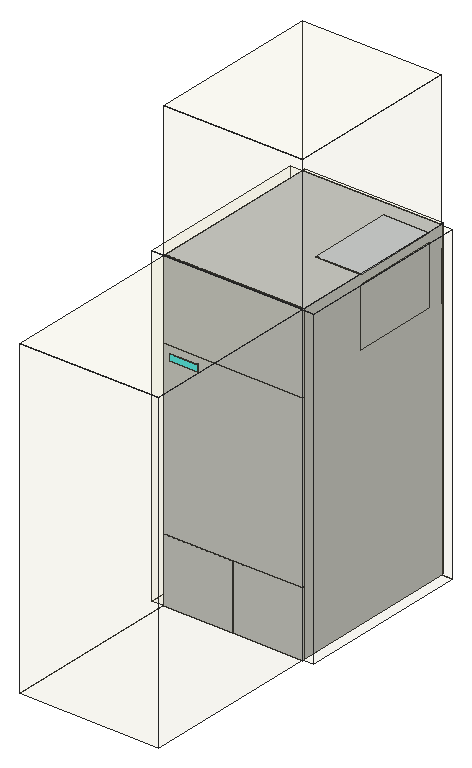
Revit family "Siemens_MV_switchgear_gas-insulated_8DJH_compact  ring main and transformer panel", category Electrical Fixtures, Revit 2016 (continued)
Definition of nested family "8DJH compact - Basic4"
  Definition of nested family "Befestigungen nur 2x 310mm "
    Dimensions and locks
      locked: curve 133 to curve 135 at 40
      locked: curve 129 to curve 131 at 40
      plane 9 to plane 1 "Center (Front/Back)" = 33 mm
      plane 10 to plane 1 "Center (Front/Back)" = 99 mm
      plane 11 to plane 1 "Center (Front/Back)" = 220 mm
      plane 12 to plane 1 "Center (Front/Back)" = 315 mm
      plane 26 to plane 1 "Center (Front/Back)" = 630 mm
      plane 1 "Center (Front/Back)" to plane 18 = 701 mm
      aligned and locked: plane 2 to level
      aligned and locked: plane 1 "Center (Front/Back)" to curve 1
      aligned and locked: plane 5 to curve 2
      aligned and locked: plane 7 to curve 3
      aligned and locked: curve 4 to plane 4
      aligned and locked: curve 8 to plane 14
      aligned and locked: curve 16 to plane 14
      aligned and locked: curve 20 to plane 14
      aligned and locked: curve 24 to plane 14
      aligned and locked: plane 13 to curve 22
      aligned and locked: plane 13 to curve 18
      aligned and locked: plane 13 to curve 14
      aligned and locked: plane 13 to curve 10
      aligned and locked: plane 13 to curve 6
      aligned and locked: plane 15 to curve 44
      aligned and locked: plane 15 to curve 40
      aligned and locked: plane 15 to curve 36
      aligned and locked: plane 15 to curve 32
      aligned and locked: plane 15 to curve 28
      aligned and locked: curve 26 to plane 16
      aligned and locked: curve 30 to plane 16
      aligned and locked: curve 34 to plane 16
      aligned and locked: curve 42 to plane 16
      aligned and locked: curve 50 to plane 18
      aligned and locked: curve 52 to plane 17
      aligned and locked: curve 64 to plane 14
      aligned and locked: curve 56 to plane 14
      aligned and locked: plane 13 to curve 54
      aligned and locked: plane 13 to curve 62
      aligned and locked: plane 15 to curve 60
      aligned and locked: plane 15 to curve 68
      aligned and locked: curve 66 to plane 16
      aligned and locked: curve 58 to plane 16
      aligned and locked: curve 57 to plane 21
      aligned and locked: curve 53 to plane 21
      aligned and locked: curve 59 to plane 22
      aligned and locked: plane 22 to curve 55
      aligned and locked: curve 21 to plane 26
      aligned and locked: curve 25 to plane 26
      aligned and locked: plane 27 to curve 23
      aligned and locked: plane 27 to curve 27
      aligned and locked: plane 25 to curve 19
      aligned and locked: plane 25 to curve 31
      aligned and locked: curve 98 to plane 18
      aligned and locked: curve 100 to plane 17
      aligned and locked: curve 102 to plane 18
      aligned and locked: curve 104 to plane 17
      aligned and locked: curve 75 to curve 11
      aligned and locked: curve 39 to curve 11
      aligned and locked: curve 97 to curve 105
      aligned and locked: curve 107 to curve 99
      aligned and locked: curve 101 to curve 109
      aligned and locked: curve 111 to curve 103
      aligned and locked: curve 114 to plane 18
      aligned and locked: curve 118 to plane 18
      aligned and locked: curve 122 to plane 18
      aligned and locked: curve 126 to plane 18
      aligned and locked: curve 128 to plane 17
      aligned and locked: curve 124 to plane 17
      aligned and locked: curve 120 to plane 17
      aligned and locked: curve 116 to plane 17
      aligned and locked: curve 113 to curve 129
      aligned and locked: curve 131 to curve 115
      aligned and locked: curve 125 to curve 133
      aligned and locked: curve 135 to curve 127
    Automatic sketch dimensions
      curve 9 to plane 14 = 0 mm
      curve 88 to plane 27 = 0 mm
      curve 88 to plane 26 = 0 mm
      curve 84 to plane 25 = 0 mm
      curve 92 to plane 22 = 0 mm
      curve 89 to plane 21 = 0 mm
      curve 84 to plane 24 = 0 mm
      curve 38 to plane 16 = 0 mm
      plane 24 to curve 32 = 0 mm
      curve 17 to plane 24 = 0 mm
      curve 129 to plane 9 = 10 mm
      plane 9 to curve 131 = 10 mm
      curve 96 to plane 3 "Center (Left/Right)" = 28 mm
      curve 92 to plane 3 "Center (Left/Right)" = 28 mm
      curve 69 to plane 3 "Center (Left/Right)" = 28 mm
      curve 80 to plane 3 "Center (Left/Right)" = 28 mm
      curve 119 to curve 49 = 16 mm
      curve 45 to plane 3 "Center (Left/Right)" = 20 mm
      curve 87 to plane 3 "Center (Left/Right)" = 8 mm
      curve 82 to plane 3 "Center (Left/Right)" = 8 mm
      curve 79 to plane 3 "Center (Left/Right)" = 8 mm
      curve 91 to plane 3 "Center (Left/Right)" = 8 mm
      curve 95 to plane 3 "Center (Left/Right)" = 8 mm
      curve 69 to plane 3 "Center (Left/Right)" = 8 mm
      curve 73 to plane 3 "Center (Left/Right)" = 8 mm
      plane 3 "Center (Left/Right)" to curve 46 = 20 mm
      plane 3 "Center (Left/Right)" to curve 52 = 20 mm
      curve 50 to curve 122 = 16 mm
      plane 9 to curve 136 = 10 mm
      curve 134 to plane 9 = 10 mm
      plane 20 to curve 93 = 20 mm
      plane 20 to curve 68 = 20 mm
      plane 20 to curve 64 = 20 mm
      curve 63 to plane 20 = 20 mm
      curve 67 to plane 20 = 20 mm
      curve 96 to plane 20 = 20 mm
      plane 12 to curve 14 = 20 mm
      plane 12 to curve 34 = 20 mm
      plane 12 to curve 78 = 20 mm
      curve 80 to plane 12 = 20 mm
      curve 16 to plane 12 = 20 mm
      curve 36 to plane 12 = 20 mm
      curve 37 to plane 11 = 20 mm
      curve 73 to plane 11 = 20 mm
      plane 10 to curve 8 = 20 mm
      plane 10 to curve 43 = 20 mm
      plane 10 to curve 72 = 20 mm
      curve 8 to plane 10 = 20 mm
      curve 69 to plane 10 = 20 mm
      curve 41 to plane 10 = 20 mm
      plane 9 to curve 48 = 10 mm
      plane 9 to curve 112 = 10 mm
      plane 9 to curve 108 = 10 mm
      curve 111 to plane 9 = 10 mm
      curve 107 to plane 9 = 10 mm
      curve 47 to plane 9 = 10 mm
      curve 118 to curve 95 = 48 mm
      curve 121 to curve 124 = 40 mm
      curve 119 to curve 89 = 8 mm
      curve 75 to curve 74 = 20 mm
      curve 83 to curve 82 = 20 mm
      curve 88 to curve 49 = 8 mm
Definition of nested family "8DJH compact - Basic5"
  Parameters (values of type "basic5")
    Front [instance] = T  # 775 mm
    T [instance] = 775 mm
    Sch_h1 [instance] = GK3_h2 - 30 mm  # 260 mm
    Sch_ab1 [instance] = 30 mm  # constant formula
    Pressure absorber on_off [instance] = yes
    PA_b = 80 mm  # constant formula
    Manufacturer = "Siemens AG"
    Kab_u_t2 [instance] = T - 40 mm - 45 mm  # 690 mm
    Kab_u_t1 [instance] = 400 mm  # constant formula
    Kab_u_b1 [instance] = B - 40 mm  # 270 mm
    GK5_b2 [instance] = B  # 310 mm
    GK5_b1 [instance] = GK4_b2  # 310 mm
    GK4_b2 [instance] = GK4_b1 + 310 mm  # 310 mm
    GK4_b1 [instance] = GK2_b1  # 0 mm
    GK2_h [instance] = 450 mm  # constant formula
    IFC Classification = "Electric Distribution"
    H [instance] = 1400 mm
    built-in parameter 1010108 = "Siemens AG"
    GK4u5_h [instance] = if(H = 1400 mm, 290 mm, 590 mm)  # 290 mm
    GK3_h2 [instance] = GK1_h - GK2_h  # 290 mm
    GK3_h [instance] = GK1_h - GK2_h  # 290 mm
    GK3_EP_h [instance] = GK1_h - GK3_h  # 450 mm
    GK2_b2 [instance] = B  # 310 mm
    GK2_b1 [instance] = 0 mm  # constant formula
    GK1_t [instance] = T - 11 mm  # 764 mm
    GK1_h2 [instance] = H - 350 mm - 940 mm  # 110 mm
    GK1_h [instance] = if(H = 1400 mm, 740 mm, 1040 mm)  # 740 mm
    B [instance] = 310 mm  # constant formula
  Reference planes
    plane 1 "Mitte (Vorne/Hinten)": y = 0
    plane 2: z = 0
    plane 3 "Mitte (Links/Rechts)": x = 0
    plane 4 "Bedienelemente": y = -775
    plane 5 "Kabeldurchbruch": y = -491
  Forms (mm)
    Extrusion 1, solid
      sketch origin (0, 0, 0) x (0, 1, 0) y (0, 0, 1)
        loop
          line (-764, 0) -> (0, 0) -> (0, 740) -> (-764, 740) -> (-764, 0)
      from 0 to 310 <- "B"
    Extrusion 2, solid
      sketch origin (0, 0, 0) x (0, 1, 0) y (0, 0, 1)
        loop
          line (-765, 740) -> (-775, 740) -> (-775, 290) -> (-765, 290) -> (-765, 740)
      from 0 <- "GK2_b1" to 310 <- "GK2_b2"
    Extrusion 3, solid
      sketch origin (0, -103.477, -448.21) x (0, 1, 0) y (0, 0, 1)
        loop
          line (-661.523, 738.21) -> (-671.523, 738.21) -> (-671.523, 448.21) -> (-661.523, 448.21) -> (-661.523, 738.21)
      from 0 to 310 <- "GK2_b2"
    Extrusion 4, void
      sketch origin (0, 0, 0) x (1, 0, 0) y (0, 1, 0)
        loop
          line (40, -690) -> (270, -690) -> (270, -621) -> (300, -621) -> (300, -491) -> (10, -491) -> (10, -621) -> (40, -621) -> (40, -690)
      from 0 to 10
  Cuts and joins
    Extrusion 4 cuts Extrusion 1
  Dimensions and locks
    "GK1_h": Extrusion 1 sketch curve to Extrusion 1 sketch curve
    "Front": plane 1 "Mitte (Vorne/Hinten)" to plane 4 "Bedienelemente"
    "GK1_t": Extrusion 1 sketch curve to Extrusion 1 sketch curve
    plane 5 "Kabeldurchbruch" to plane 1 "Mitte (Vorne/Hinten)" = 491 mm
    locked: Extrusion 2 sketch curve to Extrusion 2 sketch curve at 10
    "T": plane 1 "Mitte (Vorne/Hinten)" to Extrusion 2 sketch curve
    "GK2_h": Extrusion 2 sketch curve to Extrusion 2 sketch curve
    locked: Extrusion 3 sketch curve to Extrusion 3 sketch curve at 10
    "GK3_h": Extrusion 3 sketch curve to Extrusion 3 sketch curve
    "GK3_h2": Extrusion 3 sketch curve to level
    "T": plane 1 "Mitte (Vorne/Hinten)" to Extrusion 3 sketch curve
    "GK1_h": level to Extrusion 2 sketch curve
    Extrusion 2 to Extrusion 3 = 450 mm
    Extrusion 3 to level = 290 mm
    "Kab_u_t2": Extrusion 4 sketch curve to plane 1 "Mitte (Vorne/Hinten)"
    locked: Extrusion 4 sketch curve to Extrusion 4 sketch curve at 230
    locked: plane 3 "Mitte (Links/Rechts)" to Extrusion 4 sketch curve at 40
    aligned and locked: level to plane 2
    aligned and locked: level to Extrusion 1 sketch curve
    aligned and locked: plane 1 "Mitte (Vorne/Hinten)" to Extrusion 1 sketch curve
    aligned and locked: plane 5 "Kabeldurchbruch" to Extrusion 4 sketch curve
    aligned and locked: plane 1 "Mitte (Vorne/Hinten)" to nested 1
    aligned and locked: plane 3 "Mitte (Links/Rechts)" to nested 1
    aligned and locked: nested 1 to Extrusion 4 sketch curve  (x2)
  Automatic sketch dimensions
    Extrusion 4 sketch curve to Extrusion 4 sketch curve = 69 mm  (x2)
  Nested families
    nested 1: "Befestigungen" at (155, 0, 0), type "Fastening and cable cut-out"
  Definition of nested family "Befestigungen"
    Parameters (values of type "Fastening and cable cut-out")
      WidthUpTo840 = and(not(Width620), not(Width840))  # yes
      WidthUpTo620 = not(Width620)  # yes
      Width840 = if(Width = 840 mm, 1 < 2, 1 > 2)  # no
      Width620 = if(Width = 620 mm, 1 < 2, 1 > 2)  # no
      Width = 310 mm
      Visible = no
      Depth = 726 mm
      Cable cutout = if(or(Width = 430 mm, Width = 310 mm), 400 mm, if(Width = 500 mm, 380 mm, if(or(Width = 620 mm, Width = 840 mm), 250 mm, 400 mm)))  # 400 mm
      Cable Compartment Depth 575 = no
      Cable Compartment Depth 430 = no
      620andCC575 = if(and(Width620, Cable Compartment Depth 575), 1 < 2, 1 > 2)  # no
      620andCC430 = if(and(Width620, Visible), 1 < 2, 1 > 2)  # no
    Types (2, lengths in mm): name | Width | Depth
      Fastening and cable cut-out | 310 | 726
      Clearance | 430 | 714
    Reference planes
      plane 1 "Center (Front/Back)": y = 0
      plane 2: z = 0
      plane 3 "Center (Left/Right)": x = 0
      plane 4: x = 155
      plane 5: x = -155
      plane 6: z = 2046
      plane 7: y = -726
      plane 8: z = 2200
      plane 9: y = -33
      plane 10: y = -99
      plane 11: y = -220
      plane 12: y = -315
      plane 13: x = -125
      plane 14: x = -145
      plane 15: x = 125
      plane 16: x = 145
      plane 17: y = -721
      plane 18: y = -701
      plane 19: y = -748
      plane 20: y = -893
      plane 21: y = -728
      plane 22: y = -768
      plane 23: y = -400
      plane 24: y = -442
      plane 25: y = -482
      plane 26: y = -630
      plane 27: y = -670
    Lines and regions (mm)
      model lines
        curve 1: line (-155, 0, 0) -> (155, 0, 0)
        curve 2: line (-155, -726, 0) -> (-155, 0, 0)
        curve 3: line (155, -726, 0) -> (-155, -726, 0)
        curve 4: line (155, 0, 0) -> (155, -726, 0)
        curve 5: line (-145, -79, 0) -> (-125, -79, 0)
        curve 6: line (-125, -79, 0) -> (-125, -119, 0)
        curve 7: line (-125, -119, 0) -> (-145, -119, 0)
        curve 8: line (-145, -79, 0) -> (-145, -119, 0)
        curve 9: line (-145, -203, 0) -> (-125, -203, 0)
        curve 10: line (-125, -203, 0) -> (-125, -243, 0)
        curve 11: line (-125, -243, 0) -> (-145, -243, 0)
        curve 12: line (-145, -203, 0) -> (-145, -243, 0)
        curve 13: line (-145, -295, 0) -> (-125, -295, 0)
        curve 14: line (-125, -295, 0) -> (-125, -335, 0)
        curve 15: line (-125, -335, 0) -> (-145, -335, 0)
        curve 16: line (-145, -295, 0) -> (-145, -335, 0)
        curve 17: line (-145, -442, 0) -> (-125, -442, 0)
        curve 18: line (-125, -442, 0) -> (-125, -482, 0)
        curve 19: line (-125, -482, 0) -> (-145, -482, 0)
        curve 20: line (-145, -442, 0) -> (-145, -482, 0)
        curve 21: line (-145, -630, 0) -> (-125, -630, 0)
        curve 22: line (-125, -630, 0) -> (-125, -670, 0)
        curve 23: line (-125, -670, 0) -> (-145, -670, 0)
        curve 24: line (-145, -630, 0) -> (-145, -670, 0)
        curve 25: line (125, -630, 0) -> (145, -630, 0)
        curve 26: line (145, -630, 0) -> (145, -670, 0)
        curve 27: line (145, -670, 0) -> (125, -670, 0)
        curve 28: line (125, -630, 0) -> (125, -670, 0)
        curve 29: line (125, -442, 0) -> (145, -442, 0)
        curve 30: line (145, -442, 0) -> (145, -482, 0)
        curve 31: line (145, -482, 0) -> (125, -482, 0)
        curve 32: line (125, -442, 0) -> (125, -482, 0)
        curve 33: line (125, -295, 0) -> (145, -295, 0)
        curve 34: line (145, -295, 0) -> (145, -335, 0)
        curve 35: line (145, -335, 0) -> (125, -335, 0)
        curve 36: line (125, -295, 0) -> (125, -335, 0)
        curve 37: line (125, -200, 0) -> (145, -200, 0)
        curve 38: line (145, -200, 0) -> (145, -243, 0)
        curve 39: line (145, -243, 0) -> (125, -243, 0)
        curve 40: line (125, -200, 0) -> (125, -243, 0)
        curve 41: line (125, -79, 0) -> (145, -79, 0)
        curve 42: line (145, -79, 0) -> (145, -119, 0)
        curve 43: line (145, -119, 0) -> (125, -119, 0)
        curve 44: line (125, -79, 0) -> (125, -119, 0)
      model lines, visible <- "WidthUpTo620"
        curve 45: line (-20, -43, 0) -> (-20, -23, 0)
        curve 46: line (-20, -23, 0) -> (20, -23, 0)
        curve 47: line (20, -23, 0) -> (20, -43, 0)
        curve 48: line (-20, -43, 0) -> (20, -43, 0)
      model lines, visible <- "WidthUpTo840"
        curve 49: line (-20, -721, 0) -> (-20, -701, 0)
        curve 50: line (-20, -701, 0) -> (20, -701, 0)
        curve 51: line (20, -701, 0) -> (20, -721, 0)
        curve 52: line (-20, -721, 0) -> (20, -721, 0)
    Dimensions and locks
      equal spacing: plane 5, plane 3 "Center (Left/Right)", plane 4
      "Width": plane 5 to plane 4
      "Depth": plane 1 "Center (Front/Back)" to plane 7
      plane 8 to plane 2 = 2200 mm
      plane 6 to plane 2 = 2046 mm
      locked: plane 16 to plane 4 at 10
      locked: plane 15 to plane 16 at 20
      locked: plane 5 to plane 14 at 10
      locked: plane 14 to plane 13 at 20
      locked: plane 17 to plane 7 at 5
      locked: plane 18 to plane 17 at 20
      plane 21 to plane 19 to plane 22 = 20 mm locked, 20 mm locked
      "Cable cutout": plane 23 to plane 1 "Center (Front/Back)"
      plane 1 "Center (Front/Back)" to plane 24 = 442 mm
      locked: plane 24 to plane 25 at 40
      plane 25 to plane 26 = 148 mm
      plane 26 to plane 27 = 40 mm
      locked: curve 11 to curve 9 at 40
      locked: curve 9 to plane 1 "Center (Front/Back)" at 203
      locked: plane 9 to plane 1 "Center (Front/Back)" at 33
      locked: plane 11 to plane 10 at 121
      locked: plane 12 to plane 11 at 95
      plane 24 to plane 12 = 127 mm
      plane 24 to plane 26 = 188 mm
      plane 10 to plane 9 = 66 mm
      plane 12 to plane 1 "Center (Front/Back)" = 315 mm
      plane 26 to plane 1 "Center (Front/Back)" = 630 mm
      plane 18 to plane 1 "Center (Front/Back)" = 701 mm
      plane 11 to plane 1 "Center (Front/Back)" = 220 mm
      plane 10 to plane 1 "Center (Front/Back)" = 99 mm
      aligned and locked: plane 2 to level
      aligned and locked: plane 1 "Center (Front/Back)" to curve 1
      aligned and locked: plane 5 to curve 2
      aligned and locked: plane 7 to curve 3
      aligned and locked: curve 4 to plane 4
      aligned and locked: curve 8 to plane 14
      aligned and locked: curve 16 to plane 14
      aligned and locked: curve 20 to plane 14
      aligned and locked: curve 24 to plane 14
      aligned and locked: plane 13 to curve 22
      aligned and locked: plane 13 to curve 18
      aligned and locked: plane 13 to curve 14
      aligned and locked: plane 13 to curve 10
      aligned and locked: plane 13 to curve 6
      aligned and locked: plane 15 to curve 44
      aligned and locked: plane 15 to curve 40
      aligned and locked: plane 15 to curve 36
      aligned and locked: plane 15 to curve 32
      aligned and locked: plane 15 to curve 28
      aligned and locked: curve 26 to plane 16
      aligned and locked: curve 30 to plane 16
      aligned and locked: curve 34 to plane 16
      aligned and locked: curve 42 to plane 16
      aligned and locked: curve 50 to plane 18
      aligned and locked: curve 52 to plane 17
      aligned and locked: curve 21 to plane 26
      aligned and locked: curve 25 to plane 26
      aligned and locked: plane 27 to curve 23
      aligned and locked: plane 27 to curve 27
      aligned and locked: plane 25 to curve 19
      aligned and locked: plane 25 to curve 31
      aligned and locked: curve 39 to curve 11
    Automatic sketch dimensions
      curve 9 to plane 14 = 0 mm
      curve 38 to plane 16 = 0 mm
      plane 24 to curve 32 = 0 mm
      curve 17 to plane 24 = 0 mm
      curve 45 to plane 3 "Center (Left/Right)" = 20 mm
      plane 3 "Center (Left/Right)" to curve 46 = 20 mm
      plane 3 "Center (Left/Right)" to curve 52 = 20 mm
      plane 12 to curve 14 = 20 mm
      plane 12 to curve 34 = 20 mm
      curve 16 to plane 12 = 20 mm
      curve 36 to plane 12 = 20 mm
      curve 37 to plane 11 = 20 mm
      plane 10 to curve 8 = 20 mm
      plane 10 to curve 43 = 20 mm
      curve 8 to plane 10 = 20 mm
      curve 41 to plane 10 = 20 mm
      plane 9 to curve 48 = 10 mm
      curve 47 to plane 9 = 10 mm
      curve 49 to plane 3 "Center (Left/Right)" = 20 mm
Definition of nested family "2D_Linien2"
  Parameters (values of type "Typ1")
    Width = 620 mm
    Typ1 = yes
  Reference planes
    plane 1 "Center (Front/Back)": y = 0
    plane 2: z = 0
    plane 3 "Center (Left/Right)": x = 0
    plane 4: z = 620
    plane 5: x = 310
    plane 6: x = -310
  Lines and regions (mm)
    model lines, visible <- "Typ1"
      curve 1: line (-170.618, 0, 281.405) -> (-170.618, 0, 100.324)
      curve 2: line (-170.618, 0, 159.784) -> (-213.862, 0, 159.784)
      curve 3: line (-186.835, 0, 97.622) -> (-154.402, 0, 97.622)
      curve 4: line (-181.429, 0, 86.811) -> (-159.808, 0, 86.811)
      curve 5: line (-174.672, 0, 76) -> (-166.564, 0, 76)
      curve 6: line (-176.024, 0, 124.649) -> (-162.51, 0, 124.649)
      curve 7: line (-162.51, 0, 124.649) -> (-162.51, 0, 146.27)
      curve 8: line (-162.51, 0, 146.27) -> (-176.024, 0, 146.27)
      curve 9: line (-176.024, 0, 146.27) -> (-176.024, 0, 124.649)
      curve 10: line (-176.024, 0, 173.297) -> (-162.51, 0, 173.297)
      curve 11: line (-162.51, 0, 173.297) -> (-162.51, 0, 192.216)
      curve 12: line (-162.51, 0, 192.216) -> (-176.024, 0, 192.216)
      curve 13: line (-176.024, 0, 192.216) -> (-176.024, 0, 173.297)
      curve 14: line (-213.862, 0, 159.784) -> (-213.862, 0, 76)
      curve 15: line (-213.862, 0, 76) -> (-203.779, 0, 97.622)
      curve 16: line (-213.862, 0, 76) -> (-223.944, 0, 97.622)
      curve 33: line (-214.299, 0, 124.649) -> (-225.11, 0, 124.649)
      curve 34: line (-225.11, 0, 130.054) -> (-225.11, 0, 119.243)
      curve 35: line (-230.515, 0, 130.054) -> (-230.515, 0, 119.243)
      curve 36: line (-230.515, 0, 124.649) -> (-235.92, 0, 124.649)
      curve 37: line (-235.92, 0, 124.649) -> (-238.623, 0, 130.054)
      curve 38: line (-238.623, 0, 130.054) -> (-244.029, 0, 132.757)
      curve 39: line (-238.623, 0, 119.243) -> (-235.92, 0, 124.649)
      curve 40: line (-244.029, 0, 116.541) -> (-238.623, 0, 119.243)
      curve 41: line (-170.618, 0, 281.405) -> (194.382, 0, 281.405)
      curve 42: line (194.382, 0, 281.405) -> (194.382, 0, 526.405)
      curve 43: line (194.382, 0, 526.405) -> (-65.618, 0, 526.405)
      curve 44: line (-65.618, 0, 526.405) -> (-65.618, 0, 373.076)
      curve 45: line (-65.618, 0, 432.536) -> (-108.862, 0, 432.536)
      curve 46: line (-81.835, 0, 370.374) -> (-49.402, 0, 370.374)
      curve 47: line (-76.429, 0, 359.563) -> (-54.808, 0, 359.563)
      curve 48: line (-69.672, 0, 348.752) -> (-61.564, 0, 348.752)
      curve 49: line (-71.024, 0, 397.401) -> (-57.51, 0, 397.401)
      curve 50: line (-57.51, 0, 397.401) -> (-57.51, 0, 419.022)
      curve 51: line (-57.51, 0, 419.022) -> (-71.024, 0, 419.022)
      curve 52: line (-71.024, 0, 419.022) -> (-71.024, 0, 397.401)
      curve 53: line (-71.024, 0, 446.049) -> (-57.51, 0, 446.049)
      curve 54: line (-57.51, 0, 446.049) -> (-57.51, 0, 464.968)
      curve 55: line (-57.51, 0, 464.968) -> (-71.024, 0, 464.968)
      curve 56: line (-71.024, 0, 464.968) -> (-71.024, 0, 446.049)
      curve 57: line (-108.862, 0, 432.536) -> (-108.862, 0, 348.752)
      curve 58: line (141.25, 0, 281.405) -> (141.25, 0, 100.324)
      curve 59: line (141.25, 0, 159.784) -> (98.007, 0, 159.784)
      curve 60: line (125.034, 0, 97.622) -> (157.466, 0, 97.622)
      curve 61: line (130.439, 0, 86.811) -> (152.061, 0, 86.811)
      curve 62: line (137.196, 0, 76) -> (145.304, 0, 76)
      curve 63: line (135.845, 0, 124.649) -> (149.358, 0, 124.649)
      curve 64: line (149.358, 0, 124.649) -> (149.358, 0, 146.27)
      curve 65: line (149.358, 0, 146.27) -> (135.845, 0, 146.27)
      curve 66: line (135.845, 0, 146.27) -> (135.845, 0, 124.649)
      curve 67: line (135.845, 0, 173.297) -> (149.358, 0, 173.297)
      curve 68: line (149.358, 0, 173.297) -> (149.358, 0, 192.216)
      curve 69: line (149.358, 0, 192.216) -> (135.845, 0, 192.216)
      curve 70: line (135.845, 0, 192.216) -> (135.845, 0, 173.297)
      curve 71: line (98.007, 0, 159.784) -> (98.007, 0, 76)
      curve 72: line (98.007, 0, 76) -> (108.089, 0, 97.622)
      curve 73: line (98.007, 0, 76) -> (87.925, 0, 97.622)
      curve 74: line (97.57, 0, 124.649) -> (86.759, 0, 124.649)
      curve 75: line (86.759, 0, 130.054) -> (86.759, 0, 119.243)
      curve 76: line (81.353, 0, 130.054) -> (81.353, 0, 119.243)
      curve 77: line (81.353, 0, 124.649) -> (75.948, 0, 124.649)
      curve 78: line (75.948, 0, 124.649) -> (73.245, 0, 130.054)
      curve 79: line (73.245, 0, 130.054) -> (67.84, 0, 132.757)
      curve 80: line (73.245, 0, 119.243) -> (75.948, 0, 124.649)
      curve 81: line (67.84, 0, 116.541) -> (73.245, 0, 119.243)
      curve 82: line (-57.51, 0, 408.212) -> (-87.51, 0, 408.212)
      curve 83: line (-87.51, 0, 408.212) -> (-87.51, 0, 378.212)
      curve 84: line (-87.51, 0, 378.212) -> (-108.862, 0, 378.212)
      curve 85: line (-116.115, 0, 397.401) -> (-102.601, 0, 397.401)
      curve 86: line (-102.601, 0, 397.401) -> (-102.601, 0, 416.32)
      curve 87: line (-102.601, 0, 416.32) -> (-116.115, 0, 416.32)
      curve 88: line (-116.115, 0, 416.32) -> (-116.115, 0, 397.401)
      curve 145: line (-114.147, 0, 399.976) -> (-104.277, 0, 399.976)
      curve 146: line (-104.277, 0, 399.976) -> (-104.277, 0, 413.794)
      curve 147: line (-104.277, 0, 413.794) -> (-114.147, 0, 413.794)
      curve 148: line (-114.147, 0, 413.794) -> (-114.147, 0, 399.976)
      curve 149: line (-108.862, 0, 348.752) -> (-143.862, 0, 348.752)
      curve 150: line (-143.862, 0, 348.752) -> (-143.862, 0, 568.752)
      curve 151: line (-143.862, 0, 568.752) -> (-153.944, 0, 547.13)
      curve 152: line (-143.862, 0, 568.752) -> (-133.779, 0, 547.13)
      curve 161: line (-36.673, 0, 539.245) -> (-36.673, 0, 529.245)
      curve 162: line (-36.673, 0, 529.245) -> (-17.754, 0, 529.245)
      curve 163: line (-17.754, 0, 529.245) -> (-17.754, 0, 539.245)
      curve 164: line (-17.754, 0, 539.245) -> (-36.673, 0, 539.245)
    model lines, visible <- "Typ1", not visible
      curve 17: line (-714.075, 0, 4857.699) -> (-714.075, 0, 4676.618)
      curve 18: line (-714.075, 0, 4736.077) -> (-757.318, 0, 4736.077)
      curve 19: line (-730.291, 0, 4673.915) -> (-697.858, 0, 4673.915)
      curve 20: line (-724.885, 0, 4663.104) -> (-703.264, 0, 4663.104)
      curve 21: line (-718.129, 0, 4652.294) -> (-710.02, 0, 4652.294)
      curve 22: line (-719.48, 0, 4700.942) -> (-705.966, 0, 4700.942)
      curve 23: line (-705.966, 0, 4700.942) -> (-705.966, 0, 4722.564)
      curve 24: line (-705.966, 0, 4722.564) -> (-719.48, 0, 4722.564)
      curve 25: line (-719.48, 0, 4722.564) -> (-719.48, 0, 4700.942)
      curve 26: line (-719.48, 0, 4749.591) -> (-705.966, 0, 4749.591)
      curve 27: line (-705.966, 0, 4749.591) -> (-705.966, 0, 4768.51)
      curve 28: line (-705.966, 0, 4768.51) -> (-719.48, 0, 4768.51)
      curve 29: line (-719.48, 0, 4768.51) -> (-719.48, 0, 4749.591)
      curve 30: line (-757.318, 0, 4736.077) -> (-757.318, 0, 4652.294)
      curve 31: line (-757.318, 0, 4652.294) -> (-747.235, 0, 4673.915)
      curve 32: line (-757.318, 0, 4652.294) -> (-767.4, 0, 4673.915)
      curve 89: line (-757.755, 0, 4700.942) -> (-768.566, 0, 4700.942)
      curve 90: line (-768.566, 0, 4706.348) -> (-768.566, 0, 4695.537)
      curve 91: line (-773.971, 0, 4706.348) -> (-773.971, 0, 4695.537)
      curve 92: line (-773.971, 0, 4700.942) -> (-779.377, 0, 4700.942)
      curve 93: line (-779.377, 0, 4700.942) -> (-782.079, 0, 4706.348)
      curve 94: line (-782.079, 0, 4706.348) -> (-787.485, 0, 4709.05)
      curve 95: line (-782.079, 0, 4695.537) -> (-779.377, 0, 4700.942)
      curve 96: line (-787.485, 0, 4692.834) -> (-782.079, 0, 4695.537)
      curve 97: line (-714.075, 0, 4857.699) -> (-349.075, 0, 4857.699)
      curve 98: line (-349.075, 0, 4857.699) -> (-349.075, 0, 5102.699)
      curve 99: line (-349.075, 0, 5102.699) -> (-609.075, 0, 5102.699)
      curve 100: line (-609.075, 0, 5102.699) -> (-609.075, 0, 4949.37)
      curve 101: line (-609.075, 0, 5008.829) -> (-652.318, 0, 5008.829)
      curve 102: line (-625.291, 0, 4946.667) -> (-592.858, 0, 4946.667)
      curve 103: line (-619.885, 0, 4935.857) -> (-598.264, 0, 4935.857)
      curve 104: line (-613.129, 0, 4925.046) -> (-605.02, 0, 4925.046)
      curve 105: line (-614.48, 0, 4973.694) -> (-600.966, 0, 4973.694)
      curve 106: line (-600.966, 0, 4973.694) -> (-600.966, 0, 4995.316)
      curve 107: line (-600.966, 0, 4995.316) -> (-614.48, 0, 4995.316)
      curve 108: line (-614.48, 0, 4995.316) -> (-614.48, 0, 4973.694)
      curve 109: line (-614.48, 0, 5022.343) -> (-600.966, 0, 5022.343)
      curve 110: line (-600.966, 0, 5022.343) -> (-600.966, 0, 5041.262)
      curve 111: line (-600.966, 0, 5041.262) -> (-614.48, 0, 5041.262)
      curve 112: line (-614.48, 0, 5041.262) -> (-614.48, 0, 5022.343)
      curve 113: line (-652.318, 0, 5008.829) -> (-652.318, 0, 4925.046)
      curve 114: line (-402.206, 0, 4857.699) -> (-402.206, 0, 4676.618)
      curve 115: line (-402.206, 0, 4736.077) -> (-445.449, 0, 4736.077)
      curve 116: line (-418.422, 0, 4673.915) -> (-385.99, 0, 4673.915)
      curve 117: line (-413.017, 0, 4663.104) -> (-391.395, 0, 4663.104)
      curve 118: line (-406.26, 0, 4652.294) -> (-398.152, 0, 4652.294)
      curve 119: line (-407.611, 0, 4700.942) -> (-394.098, 0, 4700.942)
      curve 120: line (-394.098, 0, 4700.942) -> (-394.098, 0, 4722.564)
      curve 121: line (-394.098, 0, 4722.564) -> (-407.611, 0, 4722.564)
      curve 122: line (-407.611, 0, 4722.564) -> (-407.611, 0, 4700.942)
      curve 123: line (-407.611, 0, 4749.591) -> (-394.098, 0, 4749.591)
      curve 124: line (-394.098, 0, 4749.591) -> (-394.098, 0, 4768.51)
      curve 125: line (-394.098, 0, 4768.51) -> (-407.611, 0, 4768.51)
      curve 126: line (-407.611, 0, 4768.51) -> (-407.611, 0, 4749.591)
      curve 127: line (-445.449, 0, 4736.077) -> (-445.449, 0, 4652.294)
      curve 128: line (-445.449, 0, 4652.294) -> (-435.367, 0, 4673.915)
      curve 129: line (-445.449, 0, 4652.294) -> (-455.532, 0, 4673.915)
      curve 130: line (-445.886, 0, 4700.942) -> (-456.697, 0, 4700.942)
      curve 131: line (-456.697, 0, 4706.348) -> (-456.697, 0, 4695.537)
      curve 132: line (-462.103, 0, 4706.348) -> (-462.103, 0, 4695.537)
      curve 133: line (-462.103, 0, 4700.942) -> (-467.508, 0, 4700.942)
      curve 134: line (-467.508, 0, 4700.942) -> (-470.211, 0, 4706.348)
      curve 135: line (-470.211, 0, 4706.348) -> (-475.616, 0, 4709.05)
      curve 136: line (-470.211, 0, 4695.537) -> (-467.508, 0, 4700.942)
      curve 137: line (-475.616, 0, 4692.834) -> (-470.211, 0, 4695.537)
      curve 138: line (-600.966, 0, 4984.505) -> (-630.966, 0, 4984.505)
      curve 139: line (-630.966, 0, 4984.505) -> (-630.966, 0, 4954.505)
      curve 140: line (-630.966, 0, 4954.505) -> (-652.318, 0, 4954.505)
      curve 141: line (-659.571, 0, 4973.694) -> (-646.057, 0, 4973.694)
      curve 142: line (-646.057, 0, 4973.694) -> (-646.057, 0, 4992.613)
      curve 143: line (-646.057, 0, 4992.613) -> (-659.571, 0, 4992.613)
      curve 144: line (-659.571, 0, 4992.613) -> (-659.571, 0, 4973.694)
      curve 153: line (-657.603, 0, 4976.269) -> (-647.733, 0, 4976.269)
      curve 154: line (-647.733, 0, 4976.269) -> (-647.733, 0, 4990.087)
      curve 155: line (-647.733, 0, 4990.087) -> (-657.603, 0, 4990.087)
      curve 156: line (-657.603, 0, 4990.087) -> (-657.603, 0, 4976.269)
      curve 157: line (-652.318, 0, 4925.046) -> (-687.318, 0, 4925.046)
      curve 158: line (-687.318, 0, 4925.046) -> (-687.318, 0, 5145.046)
      curve 159: line (-687.318, 0, 5145.046) -> (-697.4, 0, 5123.424)
      curve 160: line (-687.318, 0, 5145.046) -> (-677.235, 0, 5123.424)
      curve 165: line (-580.129, 0, 5115.539) -> (-580.129, 0, 5105.539)
      curve 166: line (-580.129, 0, 5105.539) -> (-561.21, 0, 5105.539)
      curve 167: line (-561.21, 0, 5105.539) -> (-561.21, 0, 5115.539)
      curve 168: line (-561.21, 0, 5115.539) -> (-580.129, 0, 5115.539)
  Dimensions and locks
    "Width": plane 6 to plane 5
    equal spacing: plane 6, plane 3 "Center (Left/Right)", plane 5
    plane 4 to level = 620 mm
    aligned and locked: plane 2 to level
  Automatic sketch dimensions
    curve 37 to curve 39 = 0 mm
    curve 39 to curve 37 = 2.703 mm
    curve 39 to curve 14 = 24.762 mm
    curve 2 to curve 12 = 37.838 mm
    curve 10 to curve 8 = 0 mm
    curve 12 to curve 41 = 5.405 mm
    curve 12 to curve 11 = 13.514 mm
    curve 8 to curve 8 = 13.514 mm
    curve 1 to curve 152 = 26.757 mm
    curve 149 to curve 85 = 27.747 mm
    curve 87 to curve 148 = 1.968 mm
    curve 87 to curve 45 = 7.253 mm
    curve 147 to curve 147 = 9.87 mm
    curve 146 to curve 86 = 1.675 mm
    curve 84 to curve 83 = 21.351 mm
    curve 45 to curve 53 = 37.838 mm
    curve 82 to curve 52 = 16.486 mm
    curve 55 to curve 44 = 5.405 mm
    curve 55 to curve 55 = 13.514 mm
    curve 51 to curve 51 = 13.514 mm
    curve 43 to curve 161 = 28.945 mm
    curve 161 to curve 163 = 18.919 mm
    curve 6 to curve 79 = 235.756 mm
    curve 78 to curve 80 = 0 mm
    curve 80 to curve 77 = 2.703 mm
    curve 78 to curve 59 = 24.762 mm
    curve 59 to curve 66 = 37.838 mm
    curve 70 to curve 65 = 0 mm
    curve 69 to curve 69 = 13.514 mm
    curve 63 to curve 63 = 13.514 mm
    curve 162 to curve 43 = 212.136 mm
    curve 73 to curve 14 = 0 mm
    curve 14 to curve 40 = 43.243 mm
    curve 71 to curve 80 = 43.243 mm
    curve 71 to curve 63 = 48.649 mm
    curve 39 to curve 37 = 5.405 mm
    curve 80 to curve 77 = 5.405 mm
    curve 9 to curve 36 = 0 mm
    curve 36 to curve 38 = 5.405 mm
    curve 77 to curve 79 = 5.405 mm
    curve 63 to curve 64 = 21.622 mm
    curve 6 to curve 7 = 21.622 mm
    curve 37 to curve 14 = 29.73 mm
    curve 78 to curve 59 = 29.73 mm
    curve 59 to curve 68 = 13.514 mm
    curve 2 to curve 10 = 13.514 mm
    curve 67 to curve 70 = 18.919 mm
    curve 10 to curve 11 = 18.919 mm
    curve 12 to curve 1 = 89.189 mm
    curve 1 to curve 57 = 67.347 mm
    curve 57 to curve 84 = 29.459 mm
    curve 83 to curve 52 = 19.189 mm
    curve 84 to curve 86 = 19.189 mm
    curve 85 to curve 145 = 2.575 mm
    curve 85 to curve 82 = 10.811 mm
    curve 145 to curve 146 = 13.818 mm
    curve 146 to curve 87 = 2.526 mm
    curve 82 to curve 51 = 10.811 mm
    curve 86 to curve 45 = 16.216 mm
    curve 45 to curve 54 = 13.514 mm
    curve 53 to curve 54 = 18.919 mm
    curve 55 to curve 43 = 61.437 mm
    curve 43 to curve 161 = 2.84 mm
    curve 161 to curve 161 = 10 mm
    curve 43 to curve 150 = 42.347 mm
    curve 38 to curve 37 = 5.405 mm
    curve 40 to curve 39 = 5.405 mm
    curve 36 to curve 35 = 5.405 mm
    curve 35 to curve 34 = 5.405 mm
    curve 34 to curve 16 = 1.166 mm
    curve 33 to curve 33 = 10.811 mm
    curve 16 to curve 15 = 20.165 mm
    curve 3 to curve 1 = 16.216 mm
    curve 3 to curve 4 = 5.405 mm
    curve 4 to curve 5 = 6.757 mm
    curve 5 to curve 5 = 8.108 mm
    curve 5 to curve 4 = 6.757 mm
    curve 4 to curve 3 = 5.405 mm
    curve 151 to curve 150 = 10.082 mm
    curve 151 to curve 152 = 20.165 mm
    curve 83 to curve 46 = 5.676 mm
    curve 46 to curve 47 = 5.405 mm
    curve 47 to curve 48 = 6.757 mm
    curve 48 to curve 48 = 8.108 mm
    curve 48 to curve 47 = 6.757 mm
    curve 47 to curve 46 = 5.405 mm
    curve 81 to curve 80 = 5.405 mm
    curve 79 to curve 78 = 5.405 mm
    curve 77 to curve 76 = 5.405 mm  (x2)
    curve 76 to curve 75 = 5.405 mm
    curve 75 to curve 73 = 1.166 mm
    curve 74 to curve 74 = 10.811 mm
    curve 73 to curve 72 = 20.165 mm
    curve 72 to curve 60 = 16.945 mm
    curve 60 to curve 61 = 5.405 mm
    curve 61 to curve 62 = 6.757 mm
    curve 65 to curve 59 = 5.405 mm
    curve 62 to curve 62 = 8.108 mm
    curve 62 to curve 61 = 6.757 mm
    curve 61 to curve 60 = 5.405 mm
    curve 62 to curve 71 = 0 mm
    curve 5 to curve 14 = 0 mm
    curve 5 to curve 4 = 10.811 mm
    curve 62 to curve 61 = 10.811 mm
    curve 61 to curve 60 = 10.811 mm
    curve 4 to curve 3 = 10.811 mm
    curve 14 to curve 16 = 21.622 mm
    curve 71 to curve 73 = 21.622 mm
    curve 15 to curve 3 = 0 mm
    curve 72 to curve 60 = 0 mm
    curve 60 to curve 58 = 2.703 mm
    curve 3 to curve 1 = 2.703 mm
    curve 81 to curve 80 = 2.703 mm
    curve 40 to curve 39 = 2.703 mm
    curve 76 to curve 77 = 5.405 mm
    curve 35 to curve 36 = 5.405 mm
    curve 34 to curve 35 = 0 mm
    curve 75 to curve 76 = 0 mm  (x2)
    curve 34 to curve 33 = 5.405 mm
    curve 75 to curve 74 = 5.405 mm
    curve 33 to curve 34 = 5.405 mm
    curve 35 to curve 34 = 0 mm
    curve 78 to curve 79 = 2.703 mm
    curve 37 to curve 38 = 2.703 mm
    curve 48 to curve 83 = 29.459 mm
    curve 48 to curve 47 = 10.811 mm
    curve 47 to curve 46 = 10.811 mm
    curve 46 to curve 44 = 2.703 mm
    curve 151 to curve 150 = 21.622 mm
    curve 152 to curve 151 = 0 mm
    curve 93 to curve 95 = 0 mm
    curve 95 to curve 93 = 2.703 mm
    curve 95 to curve 30 = 24.762 mm
    curve 18 to curve 28 = 37.838 mm
    curve 26 to curve 24 = 0 mm
    curve 28 to curve 97 = 5.405 mm
    curve 28 to curve 27 = 13.514 mm
    curve 24 to curve 24 = 13.514 mm
    curve 17 to curve 160 = 26.757 mm
    curve 157 to curve 141 = 27.747 mm
    curve 143 to curve 156 = 1.968 mm
    curve 143 to curve 101 = 7.253 mm
    curve 155 to curve 155 = 9.87 mm
    curve 154 to curve 142 = 1.675 mm
    curve 140 to curve 139 = 21.351 mm
    curve 101 to curve 109 = 37.838 mm
    curve 138 to curve 108 = 16.486 mm
    curve 111 to curve 100 = 5.405 mm
    curve 111 to curve 111 = 13.514 mm
    curve 107 to curve 107 = 13.514 mm
    curve 99 to curve 165 = 28.945 mm
    curve 165 to curve 167 = 18.919 mm
    curve 22 to curve 135 = 235.756 mm
    curve 134 to curve 136 = 0 mm
    curve 136 to curve 133 = 2.703 mm
    curve 134 to curve 115 = 24.762 mm
    curve 115 to curve 122 = 37.838 mm
    curve 126 to curve 121 = 0 mm
    curve 125 to curve 125 = 13.514 mm
    curve 119 to curve 119 = 13.514 mm
    curve 166 to curve 99 = 212.136 mm
    curve 129 to curve 30 = 0 mm
    curve 30 to curve 96 = 43.243 mm
    curve 127 to curve 136 = 43.243 mm
    curve 127 to curve 119 = 48.649 mm
    curve 95 to curve 93 = 5.405 mm
    curve 136 to curve 133 = 5.405 mm
    curve 25 to curve 92 = 0 mm
    curve 92 to curve 94 = 5.405 mm
    curve 133 to curve 135 = 5.405 mm
    curve 119 to curve 120 = 21.622 mm
    curve 22 to curve 23 = 21.622 mm
    curve 93 to curve 30 = 29.73 mm
    curve 134 to curve 115 = 29.73 mm
    curve 115 to curve 124 = 13.514 mm
    curve 18 to curve 26 = 13.514 mm
    curve 123 to curve 126 = 18.919 mm
    curve 26 to curve 27 = 18.919 mm
    curve 28 to curve 17 = 89.189 mm
    curve 17 to curve 113 = 67.347 mm
    curve 113 to curve 140 = 29.459 mm
    curve 139 to curve 108 = 19.189 mm
    curve 140 to curve 142 = 19.189 mm
    curve 141 to curve 153 = 2.575 mm
    curve 141 to curve 138 = 10.811 mm
    curve 153 to curve 154 = 13.818 mm
    curve 154 to curve 143 = 2.526 mm
    curve 138 to curve 107 = 10.811 mm
    curve 142 to curve 101 = 16.216 mm
    curve 101 to curve 110 = 13.514 mm
    curve 109 to curve 110 = 18.919 mm
    curve 111 to curve 99 = 61.437 mm
    curve 99 to curve 165 = 2.84 mm
    curve 165 to curve 165 = 10 mm
    curve 99 to curve 158 = 42.347 mm
    curve 94 to curve 93 = 5.405 mm
    curve 96 to curve 95 = 5.405 mm
    curve 92 to curve 91 = 5.405 mm
    curve 91 to curve 90 = 5.405 mm
    curve 90 to curve 32 = 1.166 mm
    curve 89 to curve 89 = 10.811 mm
    curve 32 to curve 31 = 20.165 mm
    curve 19 to curve 17 = 16.216 mm
    curve 19 to curve 20 = 5.405 mm
    curve 20 to curve 21 = 6.757 mm
    curve 21 to curve 21 = 8.108 mm
    curve 21 to curve 20 = 6.757 mm
    curve 20 to curve 19 = 5.405 mm
    curve 159 to curve 158 = 10.082 mm
    curve 159 to curve 160 = 20.165 mm
    curve 139 to curve 102 = 5.676 mm
    curve 102 to curve 103 = 5.405 mm
    curve 103 to curve 104 = 6.757 mm
    curve 104 to curve 104 = 8.108 mm
    curve 104 to curve 103 = 6.757 mm
    curve 103 to curve 102 = 5.405 mm
    curve 137 to curve 136 = 5.405 mm
    curve 135 to curve 134 = 5.405 mm
    curve 133 to curve 132 = 5.405 mm  (x2)
    curve 132 to curve 131 = 5.405 mm
    curve 131 to curve 129 = 1.166 mm
    curve 130 to curve 130 = 10.811 mm
    curve 129 to curve 128 = 20.165 mm
    curve 128 to curve 116 = 16.945 mm
    curve 116 to curve 117 = 5.405 mm
    curve 117 to curve 118 = 6.757 mm
    curve 121 to curve 115 = 5.405 mm
    curve 118 to curve 118 = 8.108 mm
    curve 118 to curve 117 = 6.757 mm
    curve 117 to curve 116 = 5.405 mm
    curve 118 to curve 127 = 0 mm
    curve 21 to curve 30 = 0 mm
    curve 21 to curve 20 = 10.811 mm
    curve 118 to curve 117 = 10.811 mm
    curve 117 to curve 116 = 10.811 mm
    curve 20 to curve 19 = 10.811 mm
    curve 30 to curve 32 = 21.622 mm
    curve 127 to curve 129 = 21.622 mm
    curve 31 to curve 19 = 0 mm
    curve 128 to curve 116 = 0 mm
    curve 116 to curve 114 = 2.703 mm
    curve 19 to curve 17 = 2.703 mm
    curve 137 to curve 136 = 2.703 mm
    curve 96 to curve 95 = 2.703 mm
    curve 132 to curve 133 = 5.405 mm
    curve 91 to curve 92 = 5.405 mm
    curve 90 to curve 91 = 0 mm
    curve 131 to curve 132 = 0 mm  (x2)
    curve 90 to curve 89 = 5.405 mm
    curve 131 to curve 130 = 5.405 mm
    curve 89 to curve 90 = 5.405 mm
    curve 91 to curve 90 = 0 mm
    curve 134 to curve 135 = 2.703 mm
    curve 93 to curve 94 = 2.703 mm
    curve 104 to curve 139 = 29.459 mm
    curve 104 to curve 103 = 10.811 mm
    curve 103 to curve 102 = 10.811 mm
    curve 102 to curve 100 = 2.703 mm
    curve 159 to curve 158 = 21.622 mm
    curve 160 to curve 159 = 0 mm
Definition of nested family "2D_Linien3"
  Parameters (values of type "Type M")
    Width = 620 mm
    M500 = no
    M430 = no
    M = yes
  Types (3, lengths in mm): name | Width | M500 | M430 | M
    Type M(430) | 430 | no | yes | no
    Type M(500) | 430 | yes | no | no
    Type M | 620 | no | no | yes
  Reference planes
    plane 1 "Center (Front/Back)": y = 0
    plane 2: z = 0
    plane 3 "Center (Left/Right)": x = 0
    plane 4: z = 620
    plane 5: x = 310
    plane 6: x = -310
  Lines and regions (mm)
    model lines
      curve 1: line (-170.618, 0, 281.405) -> (-170.618, 0, 100.324)
      curve 2: line (-170.618, 0, 159.784) -> (-213.862, 0, 159.784)
      curve 3: line (-186.835, 0, 97.622) -> (-154.402, 0, 97.622)
      curve 4: line (-181.429, 0, 86.811) -> (-159.808, 0, 86.811)
      curve 5: line (-174.672, 0, 76) -> (-166.564, 0, 76)
      curve 6: line (-176.024, 0, 124.649) -> (-162.51, 0, 124.649)
      curve 7: line (-162.51, 0, 124.649) -> (-162.51, 0, 146.27)
      curve 8: line (-162.51, 0, 146.27) -> (-176.024, 0, 146.27)
      curve 9: line (-176.024, 0, 146.27) -> (-176.024, 0, 124.649)
      curve 10: line (-176.024, 0, 173.297) -> (-162.51, 0, 173.297)
      curve 11: line (-162.51, 0, 173.297) -> (-162.51, 0, 192.216)
      curve 12: line (-162.51, 0, 192.216) -> (-176.024, 0, 192.216)
      curve 13: line (-176.024, 0, 192.216) -> (-176.024, 0, 173.297)
      curve 14: line (-213.862, 0, 159.784) -> (-213.862, 0, 76)
      curve 15: line (-213.862, 0, 76) -> (-203.779, 0, 97.622)
      curve 16: line (-213.862, 0, 76) -> (-223.944, 0, 97.622)
      curve 33: line (-214.299, 0, 124.649) -> (-225.11, 0, 124.649)
      curve 34: line (-225.11, 0, 130.054) -> (-225.11, 0, 119.243)
      curve 35: line (-230.515, 0, 130.054) -> (-230.515, 0, 119.243)
      curve 36: line (-230.515, 0, 124.649) -> (-235.92, 0, 124.649)
      curve 37: line (-235.92, 0, 124.649) -> (-238.623, 0, 130.054)
      curve 38: line (-238.623, 0, 130.054) -> (-244.029, 0, 132.757)
      curve 39: line (-238.623, 0, 119.243) -> (-235.92, 0, 124.649)
      curve 40: line (-244.029, 0, 116.541) -> (-238.623, 0, 119.243)
      curve 41: line (-170.618, 0, 281.405) -> (-710.618, 0, 281.405)
    model lines, not visible
      curve 17: line (-714.075, 0, 4857.699) -> (-714.075, 0, 4676.618)
      curve 18: line (-714.075, 0, 4736.077) -> (-757.318, 0, 4736.077)
      curve 19: line (-730.291, 0, 4673.915) -> (-697.858, 0, 4673.915)
      curve 20: line (-724.885, 0, 4663.104) -> (-703.264, 0, 4663.104)
      curve 21: line (-718.129, 0, 4652.294) -> (-710.02, 0, 4652.294)
      curve 22: line (-719.48, 0, 4700.942) -> (-705.966, 0, 4700.942)
      curve 23: line (-705.966, 0, 4700.942) -> (-705.966, 0, 4722.564)
      curve 24: line (-705.966, 0, 4722.564) -> (-719.48, 0, 4722.564)
      curve 25: line (-719.48, 0, 4722.564) -> (-719.48, 0, 4700.942)
      curve 26: line (-719.48, 0, 4749.591) -> (-705.966, 0, 4749.591)
      curve 27: line (-705.966, 0, 4749.591) -> (-705.966, 0, 4768.51)
      curve 28: line (-705.966, 0, 4768.51) -> (-719.48, 0, 4768.51)
      curve 29: line (-719.48, 0, 4768.51) -> (-719.48, 0, 4749.591)
      curve 30: line (-757.318, 0, 4736.077) -> (-757.318, 0, 4652.294)
      curve 31: line (-757.318, 0, 4652.294) -> (-747.235, 0, 4673.915)
      curve 32: line (-757.318, 0, 4652.294) -> (-767.4, 0, 4673.915)
      curve 42: line (-757.755, 0, 4700.942) -> (-768.566, 0, 4700.942)
      curve 43: line (-768.566, 0, 4706.348) -> (-768.566, 0, 4695.537)
      curve 44: line (-773.971, 0, 4706.348) -> (-773.971, 0, 4695.537)
      curve 45: line (-773.971, 0, 4700.942) -> (-779.377, 0, 4700.942)
      curve 46: line (-779.377, 0, 4700.942) -> (-782.079, 0, 4706.348)
      curve 47: line (-782.079, 0, 4706.348) -> (-787.485, 0, 4709.05)
      curve 48: line (-782.079, 0, 4695.537) -> (-779.377, 0, 4700.942)
      curve 49: line (-787.485, 0, 4692.834) -> (-782.079, 0, 4695.537)
      curve 50: line (-714.075, 0, 4857.699) -> (-1254.075, 0, 4857.699)
  Dimensions and locks
    "Width": plane 6 to plane 5
    equal spacing: plane 6, plane 3 "Center (Left/Right)", plane 5
    plane 4 to level = 620 mm
    aligned and locked: plane 2 to level
  Automatic sketch dimensions
    curve 37 to curve 40 = 0 mm
    curve 39 to curve 39 = 2.703 mm
    curve 39 to curve 15 = 24.762 mm
    curve 2 to curve 13 = 37.838 mm
    curve 10 to curve 6 = 0 mm
    curve 12 to curve 41 = 5.405 mm
    curve 6 to curve 7 = 13.514 mm
    curve 12 to curve 11 = 13.514 mm
    curve 14 to curve 39 = 43.243 mm
    curve 14 to curve 9 = 48.649 mm
    curve 39 to curve 37 = 5.405 mm
    curve 36 to curve 37 = 5.405 mm
    curve 6 to curve 9 = 21.622 mm
    curve 37 to curve 14 = 29.73 mm
    curve 2 to curve 10 = 13.514 mm
    curve 10 to curve 12 = 18.919 mm
    curve 12 to curve 1 = 89.189 mm
    curve 38 to curve 37 = 5.405 mm
    curve 40 to curve 39 = 5.405 mm
    curve 41 to curve 38 = 466.59 mm
    curve 36 to curve 35 = 5.405 mm
    curve 35 to curve 34 = 5.405 mm
    curve 34 to curve 16 = 1.166 mm
    curve 33 to curve 33 = 10.811 mm
    curve 16 to curve 15 = 20.165 mm
    curve 3 to curve 1 = 16.216 mm
    curve 3 to curve 4 = 5.405 mm
    curve 4 to curve 5 = 6.757 mm
    curve 5 to curve 5 = 8.108 mm
    curve 5 to curve 4 = 6.757 mm
    curve 4 to curve 3 = 5.405 mm
    curve 5 to curve 14 = 0 mm
    curve 5 to curve 4 = 10.811 mm
    curve 4 to curve 3 = 10.811 mm
    curve 15 to curve 3 = 0 mm
    curve 16 to curve 15 = 0 mm
    curve 3 to curve 1 = 2.703 mm
    curve 40 to curve 39 = 2.703 mm
    curve 35 to curve 36 = 5.405 mm
    curve 34 to curve 35 = 0 mm
    curve 34 to curve 33 = 5.405 mm
    curve 33 to curve 34 = 5.405 mm
    curve 35 to curve 34 = 0 mm
    curve 37 to curve 38 = 2.703 mm
    curve 46 to curve 49 = 0 mm
    curve 48 to curve 48 = 2.703 mm
    curve 48 to curve 31 = 24.762 mm
    curve 18 to curve 29 = 37.838 mm
    curve 26 to curve 22 = 0 mm
    curve 28 to curve 50 = 5.405 mm
    curve 22 to curve 23 = 13.514 mm
    curve 28 to curve 27 = 13.514 mm
    curve 30 to curve 48 = 43.243 mm
    curve 30 to curve 25 = 48.649 mm
    curve 48 to curve 46 = 5.405 mm
    curve 45 to curve 46 = 5.405 mm
    curve 22 to curve 25 = 21.622 mm
    curve 46 to curve 30 = 29.73 mm
    curve 18 to curve 26 = 13.514 mm
    curve 26 to curve 28 = 18.919 mm
    curve 28 to curve 17 = 89.189 mm
    curve 47 to curve 46 = 5.405 mm
    curve 49 to curve 48 = 5.405 mm
    curve 50 to curve 47 = 466.59 mm
    curve 45 to curve 44 = 5.405 mm
    curve 44 to curve 43 = 5.405 mm
    curve 43 to curve 32 = 1.166 mm
    curve 42 to curve 42 = 10.811 mm
    curve 32 to curve 31 = 20.165 mm
    curve 19 to curve 17 = 16.216 mm
    curve 19 to curve 20 = 5.405 mm
    curve 20 to curve 21 = 6.757 mm
    curve 21 to curve 21 = 8.108 mm
    curve 21 to curve 20 = 6.757 mm
    curve 20 to curve 19 = 5.405 mm
    curve 21 to curve 30 = 0 mm
    curve 21 to curve 20 = 10.811 mm
    curve 20 to curve 19 = 10.811 mm
    curve 31 to curve 19 = 0 mm
    curve 32 to curve 31 = 0 mm
    curve 19 to curve 17 = 2.703 mm
    curve 49 to curve 48 = 2.703 mm
    curve 44 to curve 45 = 5.405 mm
    curve 43 to curve 44 = 0 mm
    curve 43 to curve 42 = 5.405 mm
    curve 42 to curve 43 = 5.405 mm
    curve 44 to curve 43 = 0 mm
    curve 46 to curve 47 = 2.703 mm
Definition of nested family "2D_Linien4"
  Parameters (values of type "Typ1")
    Width = 620 mm
    Typ1 = yes
  Types (2, lengths in mm): name | Width
    Typ1 | 620
    Type M(430) | 430
  Reference planes
    plane 1 "Center (Front/Back)": y = 0
    plane 2: z = 0
    plane 3 "Center (Left/Right)": x = 0
    plane 4: z = 620
    plane 5: x = 310
    plane 6: x = -310
  Lines and regions (mm)
    model lines, visible <- "Typ1"
      curve 1: line (-170.618, 0, 281.405) -> (-170.618, 0, 100.324)
      curve 2: line (-170.618, 0, 159.784) -> (-213.862, 0, 159.784)
      curve 3: line (-186.835, 0, 97.622) -> (-154.402, 0, 97.622)
      curve 4: line (-181.429, 0, 86.811) -> (-159.808, 0, 86.811)
      curve 5: line (-174.672, 0, 76) -> (-166.564, 0, 76)
      curve 6: line (-176.024, 0, 124.649) -> (-162.51, 0, 124.649)
      curve 7: line (-162.51, 0, 124.649) -> (-162.51, 0, 146.27)
      curve 8: line (-162.51, 0, 146.27) -> (-176.024, 0, 146.27)
      curve 9: line (-176.024, 0, 146.27) -> (-176.024, 0, 124.649)
      curve 10: line (-176.024, 0, 173.297) -> (-162.51, 0, 173.297)
      curve 11: line (-162.51, 0, 173.297) -> (-162.51, 0, 192.216)
      curve 12: line (-162.51, 0, 192.216) -> (-176.024, 0, 192.216)
      curve 13: line (-176.024, 0, 192.216) -> (-176.024, 0, 173.297)
      curve 14: line (-213.862, 0, 159.784) -> (-213.862, 0, 76)
      curve 15: line (-213.862, 0, 76) -> (-203.779, 0, 97.622)
      curve 16: line (-213.862, 0, 76) -> (-223.944, 0, 97.622)
      curve 33: line (-214.299, 0, 124.649) -> (-225.11, 0, 124.649)
      curve 34: line (-225.11, 0, 130.054) -> (-225.11, 0, 119.243)
      curve 35: line (-230.515, 0, 130.054) -> (-230.515, 0, 119.243)
      curve 36: line (-230.515, 0, 124.649) -> (-235.92, 0, 124.649)
      curve 37: line (-235.92, 0, 124.649) -> (-238.623, 0, 130.054)
      curve 38: line (-238.623, 0, 130.054) -> (-244.029, 0, 132.757)
      curve 39: line (-238.623, 0, 119.243) -> (-235.92, 0, 124.649)
      curve 40: line (-244.029, 0, 116.541) -> (-238.623, 0, 119.243)
      curve 41: line (-665.618, 0, 281.405) -> (194.382, 0, 281.405)
      curve 42: line (194.382, 0, 281.405) -> (194.382, 0, 526.405)
      curve 43: line (194.382, 0, 526.405) -> (-65.618, 0, 526.405)
      curve 44: line (-65.618, 0, 526.405) -> (-65.618, 0, 373.076)
      curve 45: line (-65.618, 0, 432.536) -> (-108.862, 0, 432.536)
      curve 46: line (-81.835, 0, 370.374) -> (-49.402, 0, 370.374)
      curve 47: line (-76.429, 0, 359.563) -> (-54.808, 0, 359.563)
      curve 48: line (-69.672, 0, 348.752) -> (-61.564, 0, 348.752)
      curve 49: line (-71.024, 0, 397.401) -> (-57.51, 0, 397.401)
      curve 50: line (-57.51, 0, 397.401) -> (-57.51, 0, 419.022)
      curve 51: line (-57.51, 0, 419.022) -> (-71.024, 0, 419.022)
      curve 52: line (-71.024, 0, 419.022) -> (-71.024, 0, 397.401)
      curve 53: line (-71.024, 0, 446.049) -> (-57.51, 0, 446.049)
      curve 54: line (-57.51, 0, 446.049) -> (-57.51, 0, 464.968)
      curve 55: line (-57.51, 0, 464.968) -> (-71.024, 0, 464.968)
      curve 56: line (-71.024, 0, 464.968) -> (-71.024, 0, 446.049)
      curve 57: line (-108.862, 0, 432.536) -> (-108.862, 0, 348.752)
      curve 58: line (141.25, 0, 281.405) -> (141.25, 0, 100.324)
      curve 59: line (141.25, 0, 159.784) -> (98.007, 0, 159.784)
      curve 60: line (125.034, 0, 97.622) -> (157.466, 0, 97.622)
      curve 61: line (130.439, 0, 86.811) -> (152.061, 0, 86.811)
      curve 62: line (137.196, 0, 76) -> (145.304, 0, 76)
      curve 63: line (135.845, 0, 124.649) -> (149.358, 0, 124.649)
      curve 64: line (149.358, 0, 124.649) -> (149.358, 0, 146.27)
      curve 65: line (149.358, 0, 146.27) -> (135.845, 0, 146.27)
      curve 66: line (135.845, 0, 146.27) -> (135.845, 0, 124.649)
      curve 67: line (135.845, 0, 173.297) -> (149.358, 0, 173.297)
      curve 68: line (149.358, 0, 173.297) -> (149.358, 0, 192.216)
      curve 69: line (149.358, 0, 192.216) -> (135.845, 0, 192.216)
      curve 70: line (135.845, 0, 192.216) -> (135.845, 0, 173.297)
      curve 71: line (98.007, 0, 159.784) -> (98.007, 0, 76)
      curve 72: line (98.007, 0, 76) -> (108.089, 0, 97.622)
      curve 73: line (98.007, 0, 76) -> (87.925, 0, 97.622)
      curve 74: line (97.57, 0, 124.649) -> (86.759, 0, 124.649)
      curve 75: line (86.759, 0, 130.054) -> (86.759, 0, 119.243)
      curve 76: line (81.353, 0, 130.054) -> (81.353, 0, 119.243)
      curve 77: line (81.353, 0, 124.649) -> (75.948, 0, 124.649)
      curve 78: line (75.948, 0, 124.649) -> (73.245, 0, 130.054)
      curve 79: line (73.245, 0, 130.054) -> (67.84, 0, 132.757)
      curve 80: line (73.245, 0, 119.243) -> (75.948, 0, 124.649)
      curve 81: line (67.84, 0, 116.541) -> (73.245, 0, 119.243)
      curve 82: line (-57.51, 0, 408.212) -> (-87.51, 0, 408.212)
      curve 83: line (-87.51, 0, 408.212) -> (-87.51, 0, 378.212)
      curve 84: line (-87.51, 0, 378.212) -> (-108.862, 0, 378.212)
      curve 85: line (-116.115, 0, 397.401) -> (-102.601, 0, 397.401)
      curve 86: line (-102.601, 0, 397.401) -> (-102.601, 0, 416.32)
      curve 87: line (-102.601, 0, 416.32) -> (-116.115, 0, 416.32)
      curve 88: line (-116.115, 0, 416.32) -> (-116.115, 0, 397.401)
      curve 145: line (-114.147, 0, 399.976) -> (-104.277, 0, 399.976)
      curve 146: line (-104.277, 0, 399.976) -> (-104.277, 0, 413.794)
      curve 147: line (-104.277, 0, 413.794) -> (-114.147, 0, 413.794)
      curve 148: line (-114.147, 0, 413.794) -> (-114.147, 0, 399.976)
      curve 149: line (-108.862, 0, 348.752) -> (-143.862, 0, 348.752)
      curve 150: line (-143.862, 0, 348.752) -> (-143.862, 0, 568.752)
      curve 151: line (-143.862, 0, 568.752) -> (-153.944, 0, 547.13)
      curve 152: line (-143.862, 0, 568.752) -> (-133.779, 0, 547.13)
      curve 161: line (-36.673, 0, 539.245) -> (-36.673, 0, 529.245)
      curve 162: line (-36.673, 0, 529.245) -> (-17.754, 0, 529.245)
      curve 163: line (-17.754, 0, 529.245) -> (-17.754, 0, 539.245)
      curve 164: line (-17.754, 0, 539.245) -> (-36.673, 0, 539.245)
    model lines, visible <- "Typ1", not visible
      curve 17: line (-714.075, 0, 4857.699) -> (-714.075, 0, 4676.618)
      curve 18: line (-714.075, 0, 4736.077) -> (-757.318, 0, 4736.077)
      curve 19: line (-730.291, 0, 4673.915) -> (-697.858, 0, 4673.915)
      curve 20: line (-724.885, 0, 4663.104) -> (-703.264, 0, 4663.104)
      curve 21: line (-718.129, 0, 4652.294) -> (-710.02, 0, 4652.294)
      curve 22: line (-719.48, 0, 4700.942) -> (-705.966, 0, 4700.942)
      curve 23: line (-705.966, 0, 4700.942) -> (-705.966, 0, 4722.564)
      curve 24: line (-705.966, 0, 4722.564) -> (-719.48, 0, 4722.564)
      curve 25: line (-719.48, 0, 4722.564) -> (-719.48, 0, 4700.942)
      curve 26: line (-719.48, 0, 4749.591) -> (-705.966, 0, 4749.591)
      curve 27: line (-705.966, 0, 4749.591) -> (-705.966, 0, 4768.51)
      curve 28: line (-705.966, 0, 4768.51) -> (-719.48, 0, 4768.51)
      curve 29: line (-719.48, 0, 4768.51) -> (-719.48, 0, 4749.591)
      curve 30: line (-757.318, 0, 4736.077) -> (-757.318, 0, 4652.294)
      curve 31: line (-757.318, 0, 4652.294) -> (-747.235, 0, 4673.915)
      curve 32: line (-757.318, 0, 4652.294) -> (-767.4, 0, 4673.915)
      curve 89: line (-757.755, 0, 4700.942) -> (-768.566, 0, 4700.942)
      curve 90: line (-768.566, 0, 4706.348) -> (-768.566, 0, 4695.537)
      curve 91: line (-773.971, 0, 4706.348) -> (-773.971, 0, 4695.537)
      curve 92: line (-773.971, 0, 4700.942) -> (-779.377, 0, 4700.942)
      curve 93: line (-779.377, 0, 4700.942) -> (-782.079, 0, 4706.348)
      curve 94: line (-782.079, 0, 4706.348) -> (-787.485, 0, 4709.05)
      curve 95: line (-782.079, 0, 4695.537) -> (-779.377, 0, 4700.942)
      curve 96: line (-787.485, 0, 4692.834) -> (-782.079, 0, 4695.537)
      curve 97: line (-1209.075, 0, 4857.699) -> (-349.075, 0, 4857.699)
      curve 98: line (-349.075, 0, 4857.699) -> (-349.075, 0, 5102.699)
      curve 99: line (-349.075, 0, 5102.699) -> (-609.075, 0, 5102.699)
      curve 100: line (-609.075, 0, 5102.699) -> (-609.075, 0, 4949.37)
      curve 101: line (-609.075, 0, 5008.829) -> (-652.318, 0, 5008.829)
      curve 102: line (-625.291, 0, 4946.667) -> (-592.858, 0, 4946.667)
      curve 103: line (-619.885, 0, 4935.857) -> (-598.264, 0, 4935.857)
      curve 104: line (-613.129, 0, 4925.046) -> (-605.02, 0, 4925.046)
      curve 105: line (-614.48, 0, 4973.694) -> (-600.966, 0, 4973.694)
      curve 106: line (-600.966, 0, 4973.694) -> (-600.966, 0, 4995.316)
      curve 107: line (-600.966, 0, 4995.316) -> (-614.48, 0, 4995.316)
      curve 108: line (-614.48, 0, 4995.316) -> (-614.48, 0, 4973.694)
      curve 109: line (-614.48, 0, 5022.343) -> (-600.966, 0, 5022.343)
      curve 110: line (-600.966, 0, 5022.343) -> (-600.966, 0, 5041.262)
      curve 111: line (-600.966, 0, 5041.262) -> (-614.48, 0, 5041.262)
      curve 112: line (-614.48, 0, 5041.262) -> (-614.48, 0, 5022.343)
      curve 113: line (-652.318, 0, 5008.829) -> (-652.318, 0, 4925.046)
      curve 114: line (-402.206, 0, 4857.699) -> (-402.206, 0, 4676.618)
      curve 115: line (-402.206, 0, 4736.077) -> (-445.449, 0, 4736.077)
      curve 116: line (-418.422, 0, 4673.915) -> (-385.99, 0, 4673.915)
